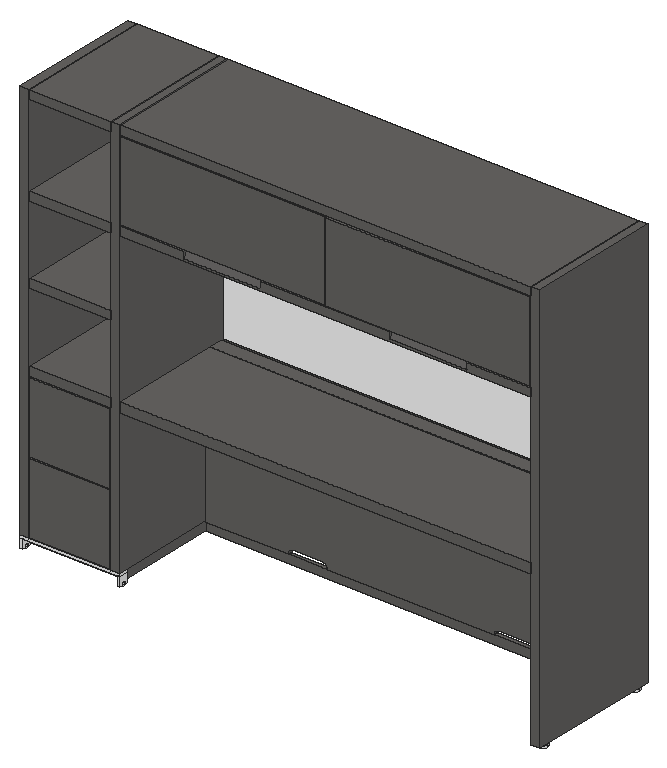
Revit family "Storage-Wall-Teknion-ZXLO_74_High_With_Lights-R2011", category Furniture Systems, Revit 2013
Parameters (values of type "(See Type Catalog)")
  Working Wall Finish [instance] = Glass - Teknion - K6 - White Backpainted
  Width = 92.642"
  Warranty = "http://www.teknionstudio.com/pdfs/Teknion%20Studio%20Warranty.pdf"
  Wall Unit Finish [instance] = Veneer - Teknion - P7 - Grey Oak
  Voltage = 120 V
  Unit Weight = 685.00 lbf
  URL = "www.teknionstudio.com"
  Storage Tower = Storage-Unit-Teknion-Tower : Upper Shelves & File/File Pedestal
  Series = "B&B Italia"
  Product Page URL = "http://www.teknionstudio.com/acexecutive/"
  Product Line = "AC Executive"
  Product Documentation Link = "http://www.teknionstudio.com/pricing/ac_executive_storage_walls_ppg.pdf"
  Power Factor = 1
  Part Number = "ZXLO"
  Number of Poles = 1
  Model = ""
  Manufacturer Phone = "919-464-2920"
  Manufacturer Fax = "919-464-2927"
  Manufacturer Email = "customersupport@teknionstudio.com"
  Manufacturer Address = "3940 US 70 Business HWY West, Clayton, NC 27520"
  Manufacturer = "Teknion Studio"  # constant formula
  Low Emitting Material = yes
  Low Emitting Finish = yes
  Height = 73.81394"
  Description = ""
  Depth = 24"
  Assembly Code = "E2020200"
  Apparent Load = 22.8 VA
Reference planes (in)
  plane 1 "Center F/B": y = 0
  plane 2: z = 0
  plane 3 "Back": y = 12
  plane 4 "Front": y = -12
  plane 5 "Top": z = 73.81394
  plane 6: x = 28.60446
  plane 7: z = 29.68402
  plane 8: z = 56.1289
  plane 9: x = -44.7815
  plane 10: z = 2.1289
  plane 11: x = -8.08858
  plane 12 "Foot Centerline": y = -11.2126
  plane 13 "Foot Centerline Front": y = -10.22835
  plane 14 "Foot Centerline Back": y = 10.22835
  plane 15: y = -8.484
  plane 16: x = -62.49817
  plane 17: x = 30.14383
  plane 18 "Center L/R": x = -16.17717
Forms (in)
  Sweep 1, solid, material "Veneer - Teknion - P7 - Grey Oak" <- "Wall Unit Finish"
    path origin (0, 0, 0) x (1, 0, 0) y (0, 0, 1)
      loop
        line (-44.7815, 29.68402) -> (28.60446, 29.68402)
    profile origin (-8.08852, 0, 29.68402) x (0, 0, 1) y (0, -1, 0)
      loop
        line (0, 12) -> (-1.7638, 12) -> (-1.7638, -7.11393) -> (-5.30827, -7.11393) -> (-5.30827, -7.08268) -> (-27.55512, -7.08268) -> (-27.55512, -7.11393) -> (-29.0945, -7.11393) -> (-29.0945, -7.80668) -> (-5.30828, -7.80668) -> (-5.30828, -12) -> (44.12992, -12) -> (44.12992, 12) -> (42.59022, 12) -> (42.59022, 11.2126) -> (27.98392, 11.2126) -> (27.98392, 12) -> (26.44488, 12) -> (26.44488, -10.94094) -> (0, -10.94094) -> (0, -10.90969) -> (-0.72441, -10.90969) -> (-0.72441, -10.56693) -> (0, -10.56693) -> (0, -8.05709) -> (-0.72441, -8.05709) -> (-0.72441, -7.80709) -> (0, -7.80709) -> (0, 12)
  Sweep 2, solid, material "Veneer - Teknion - P7 - Grey Oak" <- "Wall Unit Finish"
    path origin (0, 0, 15.40683) x (-1, 0, 0) y (0, -1, 0)
      loop
        line (0, 12) -> (0, 11.276)
    profile origin (0, -11.638, 15.40683) x (-1, 0, 0) y (0, 0, 1)
      loop
        line (44.5315, 42.5111) -> (44.5315, 56.6174) -> (8.21358, 56.6174) -> (8.21358, 42.5111) -> (44.5315, 42.5111)
      loop
        line (7.96358, 56.6174) -> (-28.35446, 56.6174) -> (-28.35446, 42.5111) -> (7.96358, 42.5111) -> (7.96358, 56.6174)
  Sweep 3, void
    path origin (0, 0, 0) x (1, 0, 0) y (0, 0, 1)
      loop
        line (-33.3248, 56.1289) -> (-19.54528, 56.1289)
    profile origin (-26.43504, 0, 56.1289) x (0, 0, 1) y (0, -1, 0)
      loop
        line (1.53937, 12) -> (0.43699, 12) -> (1.53937, 11.52755) -> (1.53937, 12)
  Sweep 4, void
    path origin (0, 0, 0) x (1, 0, 0) y (0, 0, 1)
      loop
        line (3.36811, 56.1289) -> (17.14764, 56.1289)
    profile origin (10.25787, 0, 56.1289) x (0, 0, 1) y (0, -1, 0)
      loop
        line (1.53937, 11.52755) -> (1.53937, 12) -> (0.43699, 12) -> (1.53937, 11.52755)
  Sweep 5, void
    path origin (0, 0, 15.40683) x (-1, 0, 0) y (0, -1, 0)
      loop
        line (0, -7.80668) -> (0, -7.08268)
    profile origin (0, 7.44468, 15.40683) x (1, 0, 0) y (0, 0, 1)
      loop
        line (13.68307, 8.96892) -> (6.79331, 8.96892) -> (6.79331, 8.10396)
        arc (6.79331, 8.10396) -> (7.02393, 7.54718) -> (7.58071, 7.31655) r 0.7874
        line (7.58071, 7.31655) -> (12.89567, 7.31655)
        arc (12.89567, 7.31655) -> (13.45245, 7.54718) -> (13.68307, 8.10396) r 0.7874
        line (13.68307, 8.10396) -> (13.68307, 8.96892)
      loop
        line (6.79331, -13.27793) -> (13.68307, -13.27793) -> (13.68307, -13.12045)
        arc (13.68307, -13.12045) -> (13.46398, -12.59152) -> (12.93504, -12.37242) r 0.74803
        line (12.93504, -12.37242) -> (7.54134, -12.37242)
        arc (7.54134, -12.37242) -> (7.0124, -12.59152) -> (6.79331, -13.12045) r 0.74803
        line (6.79331, -13.12045) -> (6.79331, -13.27793)
      loop
        line (-29.86024, 8.96892) -> (-29.86024, 8.10396)
        arc (-29.86024, 8.10396) -> (-29.62961, 7.54718) -> (-29.07283, 7.31655) r 0.7874
        line (-29.07283, 7.31655) -> (-23.75787, 7.31655)
        arc (-23.75787, 7.31655) -> (-23.2011, 7.54718) -> (-22.97047, 8.10396) r 0.7874
        line (-22.97047, 8.10396) -> (-22.97047, 8.96892) -> (-29.86024, 8.96892)
      loop
        line (-22.97047, -13.27793) -> (-22.97047, -13.12045)
        arc (-22.97047, -13.12045) -> (-23.18957, -12.59152) -> (-23.7185, -12.37242) r 0.74803
        line (-23.7185, -12.37242) -> (-29.1122, -12.37242)
        arc (-29.1122, -12.37242) -> (-29.64114, -12.59152) -> (-29.86024, -13.12045) r 0.74803
        line (-29.86024, -13.12045) -> (-29.86024, -13.27793) -> (-22.97047, -13.27793)
  Revolve 6, solid, material "Metal - Teknion - C6 - Chrome"
    sketch origin (0, -10.22835, 0) x (0, 0, 1) y (1, 0, 0)
      loop
        line (0, 29.37415) -> (0, 28.63616) -> (0.23622, 28.63616) -> (0.23622, 29.09181) -> (0.58951, 29.09181) -> (0.58951, 29.37415) -> (0, 29.37415)
      axis (0, 29.37415) -> (0.58951, 29.37415)
    angle from 0 to 360
  Revolve 7, solid, material "Metal - Teknion - C6 - Chrome"
    sketch origin (0, 10.22835, 0) x (0, 0, 1) y (1, 0, 0)
      loop
        line (0, 29.37415) -> (0, 28.63616) -> (0.23622, 28.63616) -> (0.23622, 29.09181) -> (0.58951, 29.09181) -> (0.58951, 29.37415) -> (0, 29.37415)
      axis (0, 29.37415) -> (0.58951, 29.37415)
    angle from 0 to 360
  Sweep 8, solid, material "Veneer - Teknion - P7 - Grey Oak" <- "Wall Unit Finish"
    path origin (-16.17717, 0, 15.40683) x (1, 0, 0) y (0, 1, 0)
      loop
        line (0, 12) -> (0, -12)
    profile origin (-16.17717, 0, 15.40683) x (1, 0, 0) y (0, 0, 1)
      loop
        line (46.321, -14.81732) -> (46.321, 58.4071) -> (44.78163, 58.4071) -> (44.78163, -14.81732) -> (46.321, -14.81732)
Cuts and joins
  Sweep 3, Sweep 4, Sweep 5 cuts Sweep 1
Lines and regions (in)
  Masking region 1
    outline origin (0, 0, 15.40683) x (-1, 0, 0) y (0, -1, 0)
      loop
        line (44.7815, -12) -> (44.7815, 12) -> (-30.14383, 12) -> (-30.14383, -12) -> (44.7815, -12)
  symbolic lines, style "Elevation Swing"
    curve 1: line (-44.7815, -12, 57.66827) -> (-26.43504, -12, 72.02424)
    curve 2: line (-8.08858, -12, 57.66832) -> (-26.43504, -12, 72.02424)
    curve 3: line (-8.08858, 0, 57.66832) -> (10.25794, 0, 72.19583)
    curve 4: line (10.25794, 0, 72.19583) -> (28.60446, 0, 57.66827)
  symbolic lines, detail levels medium+fine
    curve 5: line (-44.7815, 12, 15.40683) -> (-44.7815, -12, 15.40683)
  symbolic lines, style "FurnitureSystemsHiddenLines", detail levels fine
    curve 6: line (28.60446, -11.276, 15.40683) -> (-44.7815, -11.276, 15.40683)
Dimensions and locks (in)
  equal spacing: plane 3 "Back", plane 1 "Center F/B", plane 4 "Front"
  "Depth": plane 3 "Back" to plane 4 "Front"
  "Height": plane 5 "Top" to plane 2
  locked: plane 7 to plane 2 at 29.68402
  locked: plane 8 to plane 7 at 26.44488
  locked: plane 10 to plane 2 at 2.1289
  locked: plane 4 "Front" to plane 12 "Foot Centerline" at 0.7874
  locked: plane 10 to Sweep 1 sketch curve at 1.53939
  locked: plane 7 to Sweep 1 sketch curve at 1.7638
  locked: plane 4 "Front" to Sweep 2 sketch curve at 0.724
  plane 5 "Top" to Sweep 2 sketch curve to Sweep 2 sketch curve = 1.7897", 14.1063"  (x2)
  Sweep 2 sketch curve to Sweep 2 sketch curve to Sweep 2 sketch curve to Sweep 2 sketch curve = 36.31805", 1/4", 36.31791"
  locked: Sweep 3 sketch curve to Sweep 3 sketch curve at 13.77953
  locked: Sweep 3 sketch curve to plane 8 at 1.53937
  locked: Sweep 3 sketch curve to plane 8 at 0.43699
  locked: plane 4 "Front" to Sweep 3 sketch curve at 0.47245
  Sweep 4 sketch curve to Sweep 4 sketch curve to plane 8 = 1.10238" locked, 0.43699" locked
  locked: plane 4 "Front" to Sweep 4 sketch curve at 0.47245
  locked: Sweep 5 sketch curve to plane 10 at 0.90551  (x2)
  locked: Sweep 5 sketch curve to Sweep 5 sketch curve at 6.88976  (x4)
  plane 7 to Sweep 5 sketch curve to Sweep 5 sketch curve = 5.30827" locked, 1 167/256" locked  (x2)
  plane 3 "Back" to Sweep 5 sketch curve to Sweep 5 sketch curve = 4.19332" locked, 0.724" locked
  Revolve 6 sketch curve to Revolve 6 sketch curve to plane 2 = 0.35329" locked, 0.23622" locked
  Revolve 7 sketch curve to Revolve 7 sketch curve to plane 2 = 0.35329" locked, 0.23622" locked
  equal spacing: plane 11, curve 2, plane 9
  equal spacing: plane 6, curve 4, plane 11
  locked: plane 4 "Front" to curve 6 at 0.724
  locked: plane 3 "Back" to plane 14 "Foot Centerline Back" at 1.77165
  locked: plane 4 "Front" to plane 13 "Foot Centerline Front" at 1.77165
  locked: plane 4 "Front" to plane 15 at 3.516
  locked: plane 6 to plane 17 at 1.53937
  locked: plane 16 to plane 9 at 17.71667
  "Width": plane 16 to plane 17
  locked: plane 18 "Center L/R" to plane 11 at 8.08858
  equal spacing: plane 16, plane 18 "Center L/R", plane 17
  locked: plane 17 to Revolve 6 sketch curve at 0.76969
  locked: Sweep 8 sketch curve to plane 2 at 0.58951
  locked: Revolve 7 sketch curve to plane 17 at 0.76969
  aligned and locked: level to plane 2
  aligned and locked: plane 9 to Sweep 1 sketch curve
  aligned and locked: plane 6 to Sweep 1 sketch curve
  aligned and locked: Sweep 1 sketch curve to plane 7  (x4)
  aligned and locked: Sweep 1 sketch curve to plane 4 "Front"
  aligned and locked: plane 3 "Back" to Sweep 1 sketch curve
  aligned and locked: plane 4 "Front" to Sweep 2 sketch curve
  aligned and locked: Sweep 1 sketch curve to plane 8
  aligned and locked: Sweep 3 sketch curve to plane 8
  aligned and locked: Sweep 4 sketch curve to plane 8
  aligned and locked: Sweep 4 sketch curve to plane 4 "Front"
  aligned and locked: Sweep 5 sketch curve to plane 10
  aligned and locked: plane 2 to Revolve 6 sketch curve
  aligned and locked: Revolve 7 sketch curve to plane 2
  aligned and locked: plane 9 to curve 1
  aligned and locked: plane 11 to curve 2
  aligned and locked: Sweep 2 to curve 2
  aligned and locked: plane 6 to curve 4
  aligned and locked: plane 11 to curve 3
  aligned and locked: Masking region 1 sketch curve to plane 3 "Back"
  aligned and locked: Masking region 1 sketch curve to plane 4 "Front"
  aligned and locked: plane 3 "Back" to curve 5
  aligned and locked: plane 4 "Front" to curve 5
  aligned and locked: curve 5 to plane 9
  aligned and locked: plane 6 to curve 6
  aligned and locked: plane 4 "Front" to Sweep 3 sketch curve
  aligned and locked: Sweep 1 sketch curve to plane 5 "Top"
  aligned and locked: plane 12 "Foot Centerline" to Sweep 1 sketch curve
  aligned and locked: plane 4 "Front" to Sweep 1 sketch curve  (x2)
  aligned: plane 8 to nested 1
  aligned: plane 11 to nested 1
  aligned and locked: nested 1 to plane 15
  aligned and locked: plane 8 to nested 1
  aligned and locked: plane 11 to nested 1
  aligned and locked: plane 10 to Sweep 5 sketch curve
  aligned and locked: plane 9 to Masking region 1 sketch curve
  aligned and locked: plane 17 to Masking region 1 sketch curve
  aligned and locked: nested 2 to plane 1 "Center F/B"
  aligned and locked: nested 2 to plane 9
  aligned and locked: nested 2 to plane 2
  aligned and locked: Revolve 6 sketch curve to Revolve 6 sketch curve
  aligned and locked: Sweep 8 sketch curve to plane 17
  aligned and locked: Sweep 8 sketch curve to plane 6
  aligned and locked: plane 5 "Top" to Sweep 8 sketch curve
  aligned and locked: Revolve 7 sketch curve to Revolve 7 sketch curve
Automatic sketch dimensions
  plane 8 to curve 4 = 1.53937"
  plane 8 to curve 3 = 1.53942"
  curve 4 to plane 5 "Top" = 1.61811"
  plane 8 to curve 2 = 1.53942"
  plane 8 to curve 1 = 1.53937"
  Sweep 1 sketch curve to Sweep 1 sketch curve = 1.53939"
  Sweep 1 sketch curve to Sweep 1 sketch curve = 3.54449"
  Sweep 1 sketch curve to Sweep 1 sketch curve = 0"
  profile plane to Sweep 1 sketch curve = 0.72441"  (x2)
  Sweep 1 sketch curve to Sweep 1 sketch curve = 1.53904"
  Sweep 1 sketch curve to Sweep 1 sketch curve = 1.5397"
  Sweep 1 sketch curve to Sweep 1 sketch curve = 1.05906"
  Sweep 1 sketch curve to Sweep 1 sketch curve = 1/32"  (x2)
  Sweep 1 sketch curve to Sweep 1 sketch curve = 0.34277"
  Sweep 1 sketch curve to Sweep 1 sketch curve = 2.50984"
  Sweep 1 sketch curve to Sweep 1 sketch curve = 1/4"
  Sweep 1 sketch curve to plane 1 "Center F/B" = 7.80668"
  Sweep 1 sketch curve to Sweep 1 sketch curve = 0.69275"
  Sweep 1 sketch curve to Sweep 1 sketch curve = 0.69316"
  Sweep 4 sketch curve to plane 6 = 11.45683"
  Sweep 5 sketch curve to Sweep 5 sketch curve = 0.74803"  (x4)
  Sweep 5 sketch curve to Sweep 5 sketch curve = 0.7874"  (x5)
  plane 4 "Front" to Sweep 8 sketch curve = 0"
  Sweep 8 sketch curve to plane 3 "Back" = 0"
  Sweep 8 sketch curve to plane 11 = 8.08858"
  plane 11 to Sweep 2 sketch curve = 8.08858"
  plane 11 to Sweep 4 sketch curve = 11.45669"
  plane 11 to Sweep 5 sketch curve = 8.08858"
  profile plane to Sweep 5 sketch curve = 29.86024"
  Sweep 5 sketch curve to profile plane = 6.79331"  (x2)
  Revolve 6 sketch curve to level = 0"
  plane 10 to Revolve 6 sketch curve = 0.71099"
  plane 6 to Revolve 6 sketch curve = 0.03169"
  Revolve 6 sketch curve to Revolve 6 sketch curve = 0.28234"
  Revolve 7 sketch curve to level = 0"
  Revolve 7 sketch curve to plane 10 = 161/256"
  plane 6 to Revolve 7 sketch curve = 0.03169"
  Revolve 7 sketch curve to Revolve 7 sketch curve = 0.28234"
Nested families (in)
  nested 1: "Lighting-Teknion-Storage_Wall" at (-8.08858, 0.12401, 56.1289), type "Lighting-Teknion-Storage_Wall"
  nested 2: "Storage-Unit-Teknion-Tower" at (-53.63976, 0, 0) x (-1, 0, 0) z (0, 0, 1), type <- "Storage Tower", Height <- "Height", type "Upper Shelves & File/File Pedestal"
    with Height 73.81394", Has Top Shelf no, Bottom Drawer Height 13.047"
Connectors (in)
  electrical at (-8.08852, 12, 49.09483), driven by "Number of Poles", driven by "Voltage", driven by "Apparent Load", driven by "Power Factor"
    settings: on cut or joined group of Sweep 1, Sweep 3, Sweep 4, Sweep 5, index 1, voltage 120 V, apparent load 0 VA, apparent load phase1 22.8 VA, apparent load phase2 0 VA, apparent load phase3 0 VA, power factor 1, load classification "Other", number of poles 1, system type 31, power factor state 1, is connector primary yes, connector utility no, sub classification motor no, connector description "Electrical Connector"
Definition of nested family "Lighting-Teknion-Storage_Wall"
  Parameters (values of type "Lighting-Teknion-Storage_Wall")
    Wattage = 4.03926 W
    built-in parameter 1150110 = 1 (stored number, unit not read)
    built-in parameter 1114217 = 1 (stored number, unit not read)
    built-in parameter 1150109 = 1 (stored number, unit not read)
    built-in parameter 1150134 = 1
    built-in parameter 1150113 = 1 (stored number, unit not read)
    Offset From Reference Level = 0"
    Lumens = 600 lm
    built-in parameter 1150115 = 1 (stored number, unit not read)
    built-in parameter 1150105 = 190.99 (stored number, unit not read)
    Light Source Symbol Size = 3"
    built-in parameter 1150137 = (empty or 0)
    built-in parameter 1150139 = (empty or 0)
    built-in parameter 1150112 = 1 (stored number, unit not read)
    built-in parameter 1150114 = 1 (stored number, unit not read)
    built-in parameter 1150132 = 2
    built-in parameter 1150102 = (empty or 0)
    built-in parameter 1150138 = (empty or 0)
    built-in parameter 1150107 = 6500 (stored number, unit not read)
    built-in parameter 1150106 = 1.9099 (stored number, unit not read)
    Emit from Line Length = 68"
    built-in parameter 1150104 = 13.8 (stored number, unit not read)
    Dimming Lamp Color Temperature Shift = 1
    Default Elevation = 48"
    Color Filter = 16776172
    built-in parameter 1114218 = 1 (stored number, unit not read)
    built-in parameter 1150133 = 10 (stored number, unit not read)
    Assembly Code = ""
  Reference planes (in)
    plane 1 "Light Source Axis (F/B)": y = -8.60801
    plane 2: z = 0
    plane 3 "Light Source Axis (L/R)": x = 0
    plane 4 "Light Source Elevation": z = 0
    plane 5: z = 0
    plane 6: x = -36.6875
    plane 7: x = 36.6875
  Forms (in)
    Sweep 1, solid, material "Glass - Teknion - CL - Clear"
      path origin (0, 0, 0) x (1, 0, 0) y (0, 1, 0)
        loop
          line (-36.6875, -8.60801) -> (36.6875, -8.60801)
      profile origin (0, -8.60801, 0) x (0, 1, 0) y (0, 0, 1)
        loop
          line (-0.51562, 0) -> (-0.51562, -0.40625) -> (0.51563, -0.40625) -> (0.51563, 0) -> (-0.51562, 0)
  Dimensions and locks (in)
    equal spacing: plane 7, plane 3 "Light Source Axis (L/R)", plane 6
    locked: plane 7 to plane 6 at 73.375
    locked: plane 5 to Sweep 1 sketch curve at 0.40625
    equal spacing: Sweep 1 sketch curve, plane 1 "Light Source Axis (F/B)", Sweep 1 sketch curve
    locked: Sweep 1 sketch curve to Sweep 1 sketch curve at 1.03125
    aligned and locked: plane 3 "Light Source Axis (L/R)" to imposter light
    aligned and locked: plane 1 "Light Source Axis (F/B)" to imposter light
    aligned and locked: plane 4 "Light Source Elevation" to imposter light
    aligned and locked: level to plane 5
    aligned and locked: plane 5 to plane 2
    aligned and locked: plane 6 to Sweep 1 sketch curve
    aligned and locked: plane 7 to Sweep 1 sketch curve
    aligned and locked: plane 1 "Light Source Axis (F/B)" to Sweep 1 sketch curve
    aligned and locked: Sweep 1 sketch curve to profile plane
Definition of nested family "Storage-Unit-Teknion-Tower"
  Parameters (values of type "Upper Wardrobe & Lower Door")
    Width = 17.71654"
    Warranty = "http://www.teknionstudio.com/pdfs/Teknion%20Studio%20Warranty.pdf"
    Wall Unit Finish = Veneer - Teknion - P8 - Light Brushed Oak
    URL = "www.teknionstudio.com"
    Series = "B&B Italia"
    Product Line = "AC Executive"
    Model = ""
    Middle Drawer Height = if(Has Top Drawer, 6.425", 12.719")  # 12.719"
    Manufacturer Phone = "919-464-2920"
    Manufacturer Fax = "919-464-2927"
    Manufacturer Email = "customersupport@teknionstudio.com"
    Manufacturer Address = "3940 US 70 Business HWY West, Clayton, NC 27520"
    Manufacturer = "Teknion Studio"  # constant formula
    Height [instance] = 73.81394"
    Has Top Shelf [instance] = and(Height > 75", Has Shelves)  # no
    Has Top Drawer = no
    Has Top Door = yes
    Has Shelves = no
    Has Right Leg = yes
    Has Middle Drawer = no
    Has Lower Shelf = yes
    Has Left Leg = yes
    Has Full Wardrobe Door = no
    Has Doors = yes
    Door Projection Symbol = yes
    Description = "Tower Storage Unit"
    Depth = 24"
    Bottom Drawer Height [instance] = if(Has Middle Drawer, 13.047", if(Has Top Drawer, 13.047", if(Has Full Wardrobe Door, (Height - 3.668"), 26.016")))  # 26.016"
    Assembly Code = "E2010200"
  Types (7): name | Wall Unit Finish | Series | Product Line | Middle Drawer Height | Has Top Drawer | Has Top Door | Has Shelves | Has Middle Drawer | Has Lower Shelf | Has Full Wardrobe Door | Has Doors | Door Projection Symbol | Bottom Drawer Height
    Upper Shelves & Lower Door | none | "AC Executive" | "" | 12.719" | no | no | yes | no | yes | no | yes | yes | 26.016"
    Upper Shelves & File/File Pedestal | none | "AC Executive" | "" | 12.719" | no | no | yes | yes | yes | no | no | no | 13.047"
    Upper Shelves & Box/Box/File Pedestal | Veneer - Teknion - P8 - Light Brushed Oak | "AC Executive" | "" | 6.425" | yes | no | yes | yes | yes | yes | no | no | 13.047"
    Full Wardrobe | none | "AC Executive" | "" | 12.719" | no | no | no | no | no | yes | yes | yes | 70.14594"
    Upper Wardrobe & Lower Door | Veneer - Teknion - P8 - Light Brushed Oak | "B&B Italia" | "AC Executive" | 12.719" | no | yes | no | no | yes | no | yes | yes | 26.016"
    Upper Wardrobe & File/File Pedestal | none | "AC Executive" | "" | 12.719" | no | yes | no | yes | yes | no | no | yes | 13.047"
    Upper Wardrobe & Box/Box/File Pedestal | none | "AC Executive" | "" | 6.425" | yes | yes | no | yes | yes | no | no | yes | 13.047"
  Reference planes (in)
    plane 1 "Center F/B": y = 0
    plane 2: z = 0
    plane 3 "Center L/R": x = 0
    plane 4 "Left": x = -8.85827
    plane 5 "Right": x = 8.85827
    plane 6 "Back": y = 12
    plane 7 "Front": y = -12
    plane 8 "Top": z = 73.81394
    plane 9: x = -7.3189
    plane 10: x = 7.3189
    plane 11: z = 2.1289
    plane 12 "Foot Centerline": y = -11.2126
    plane 13: z = 29.68402
    plane 14 "Drawer 1 Top": z = 28.1449
    plane 15 "Drawer 2 Top": z = 40.8639
    plane 16 "Drawer 3 Top": z = 27.89502
    plane 17: z = 42.13677
  Forms (in)
    Sweep 1, solid, material "Metal - Teknion - C6 - Chrome", visible <- "Has Left Leg"
      path origin (0, -12, 0) x (1, 0, 0) y (0, 0, 1)
        loop
          line (-8.85827, 1.7349) -> (-8.85827, 0.05803)
      profile origin (-8.85827, -12, 0.89646) x (0, -1, 0) y (1, 0, 0)
        loop
          line (-1.5748, 0) -> (0, 0) -> (0, 0.394) -> (-1.5748, 0.394) -> (-1.5748, 0)
    Sweep 2, solid, material "Metal - Teknion - C6 - Chrome"
      path origin (0, -12, 0) x (1, 0, 0) y (0, 0, 1)
        loop
          line (-8.46427, 2.1289) -> (8.46427, 2.1289)
      profile origin (0, -12, 2.1289) x (0, 0, 1) y (0, -1, 0)
        loop
          line (-0.394, -1.5748) -> (-0.394, -1.3778) -> (-1.575, -1.3778) -> (-1.575, -1.5748) -> (-0.394, -1.5748)
    Revolve 3, solid, material "Metal - Teknion - C6 - Chrome"
      sketch origin (0, -11.2126, 0) x (0, 0, -1) y (1, 0, 0)
        loop
          line (-0.4911, 8.32677) -> (-0.45173, 8.2874) -> (-0.28492, 8.2874) -> (-0.24555, 8.32677) -> (-0.20618, 8.2874) -> (-0.03937, 8.2874) -> (0, 8.32677) -> (0, 8.66142) -> (-0.4911, 8.66142) -> (-0.4911, 8.32677)
        axis (0, 8.66142) -> (-0.4911, 8.66142)
      angle from 0 to 360
    Revolve 4, solid, material "Metal - Teknion - C6 - Chrome", visible <- "Has Left Leg"
      sketch origin (0, -11.2126, 0) x (0, 0, -1) y (1, 0, 0)
        loop
          line (0, -8.99606) -> (0, -8.66142) -> (-0.4911, -8.66142) -> (-0.4911, -8.99606) -> (-0.45173, -9.03543) -> (-0.28492, -9.03543) -> (-0.24555, -8.99606) -> (-0.20618, -9.03543) -> (-0.03937, -9.03543) -> (0, -8.99606)
        axis (0, -8.66142) -> (-0.4911, -8.66142)
      angle from 0 to 360
    Sweep 5, solid, material "Veneer - Teknion - P8 - Light Brushed Oak" <- "Wall Unit Finish"
      path origin (0, 0, 0) x (1, 0, 0) y (0, 0, 1)
        loop
          line (0, 2.1289) -> (0, 73.81394)
      profile origin (0, 0, 37.97142) x (-1, 0, 0) y (0, -1, 0)
        loop
          line (8.85827, -12) -> (8.85827, 12) -> (7.3189, 12) -> (7.3189, -12) -> (8.85827, -12)
        loop
          line (-7.3189, 12) -> (-8.85827, 12) -> (-8.85827, -12) -> (-7.3189, -12) -> (-7.3189, 12)
    Sweep 6, solid, material "Veneer - Teknion - P8 - Light Brushed Oak" <- "Wall Unit Finish"
      path origin (0, 0, 15.40683) x (-1, 0, 0) y (0, -1, 0)
        loop
          line (0, -12) -> (0, 12)
      profile origin (0, 0, 15.40683) x (1, 0, 0) y (0, 0, 1)
        loop
          line (-7.3189, 58.4071) -> (-7.3189, 56.86773) -> (7.3189, 56.86773) -> (7.3189, 58.4071) -> (-7.3189, 58.4071)
    Sweep 7, solid, material "Veneer - Teknion - P8 - Light Brushed Oak" <- "Wall Unit Finish"
      path origin (0, -12, 0) x (1, 0, 0) y (0, 0, 1)
        loop
          line (0, 2.1289) -> (0, 72.27457)
      profile origin (0, -12, 37.20173) x (-1, 0, 0) y (0, -1, 0)
        loop
          line (7.3189, -24) -> (7.3189, -23.25) -> (-7.3189, -23.25) -> (-7.3189, -24) -> (7.3189, -24)
    Sweep 8, solid, material "Veneer - Teknion - P8 - Light Brushed Oak" <- "Wall Unit Finish", visible <- "Has Lower Shelf"
      path origin (0, -12, 0) x (1, 0, 0) y (0, 0, 1)
        loop
          line (-7.3189, 29.68402) -> (7.3189, 29.68402)
      profile origin (0, -12, 29.68402) x (0, 0, 1) y (0, -1, 0)
        loop
          line (0, 0) -> (-1.539, 0) -> (-1.539, -0.724) -> (-27.55512, -0.724) -> (-27.55512, -23.25) -> (0, -23.25) -> (0, 0)
    Sweep 9, solid, material "Veneer - Teknion - P8 - Light Brushed Oak" <- "Wall Unit Finish"
      path origin (0, -12, 0) x (1, 0, 0) y (0, 0, 1)
        loop
          line (0, 2.3789) -> (0, 27.8949)
      profile origin (0, -12, 15.1369) x (-1, 0, 0) y (0, -1, 0)
        loop
          line (7.0689, -0.724) -> (7.0689, 0) -> (-7.0689, 0) -> (-7.0689, -0.724) -> (7.0689, -0.724)
    Sweep 10, solid, material "Veneer - Teknion - P8 - Light Brushed Oak" <- "Wall Unit Finish", visible <- "Has Middle Drawer"
      path origin (0, -12, 0) x (1, 0, 0) y (0, 0, 1)
        loop
          line (0, 28.1449) -> (0, 40.8639)
      profile origin (0, -12, 34.5044) x (-1, 0, 0) y (0, -1, 0)
        loop
          line (7.0689, -0.724) -> (7.0689, 0) -> (-7.0689, 0) -> (-7.0689, -0.724) -> (7.0689, -0.724)
    Sweep 11, solid, material "Veneer - Teknion - P8 - Light Brushed Oak" <- "Wall Unit Finish", visible <- "Has Top Drawer"
      path origin (0, -12, 0) x (1, 0, 0) y (0, 0, 1)
        loop
          line (0, 47.15802) -> (0, 41.1139)
      profile origin (0, -12, 44.13596) x (0, -1, 0) y (1, 0, 0)
        loop
          line (0, 7.0689) -> (-0.724, 7.0689) -> (-0.724, -7.0689) -> (0, -7.0689) -> (0, 7.0689)
    Sweep 12, solid, material "Veneer - Teknion - P8 - Light Brushed Oak" <- "Wall Unit Finish", visible <- "Has Shelves"
      path origin (0, -12, 0) x (1, 0, 0) y (0, 0, 1)
        loop
          line (0, 42.13677) -> (0, 43.67614)
      profile origin (0, -12, 42.90646) x (-1, 0, 0) y (0, -1, 0)
        loop
          line (7.3189, -23.25) -> (7.3189, 0) -> (-7.3189, 0) -> (-7.3189, -23.25) -> (7.3189, -23.25)
    Sweep 13, solid, material "Veneer - Teknion - P8 - Light Brushed Oak" <- "Wall Unit Finish", visible <- "Has Shelves"
      path origin (0, -12, 13.9918) x (1, 0, 0) y (0, 0, 1)
        loop
          line (0, 42.13677) -> (0, 43.67614)
      profile origin (0, -12, 56.89825) x (-1, 0, 0) y (0, -1, 0)
        loop
          line (7.3189, -23.25) -> (7.3189, 0) -> (-7.3189, 0) -> (-7.3189, -23.25) -> (7.3189, -23.25)
    Sweep 14, solid, material "Veneer - Teknion - P8 - Light Brushed Oak" <- "Wall Unit Finish", visible <- "Has Top Door"
      path origin (0, -12, 0) x (1, 0, 0) y (0, 0, 1)
        loop
          line (0, 29.93402) -> (0, 72.02457)
      profile origin (0, -12, 50.97929) x (-1, 0, 0) y (0, -1, 0)
        loop
          line (7.0689, -0.724) -> (7.0689, 0) -> (-7.0689, 0) -> (-7.0689, -0.724) -> (7.0689, -0.724)
    Sweep 15, solid, material "Veneer - Teknion - P8 - Light Brushed Oak" <- "Wall Unit Finish"
      path origin (0, -12, 0) x (1, 0, 0) y (0, 0, 1)
        loop
          line (-8.85827, 2.1289) -> (8.85827, 2.1289)
      profile origin (0, -12, 2.1289) x (0, 0, 1) y (0, -1, 0)
        loop
          line (0, -1.5748) -> (-1.53937, -1.5748) -> (-1.53937, -24) -> (0, -24) -> (0, -1.5748)
    Sweep 16, solid, material "Veneer - Teknion - P8 - Light Brushed Oak" <- "Wall Unit Finish", visible <- "Has Top Shelf"
      path origin (0, 0, 0) x (1, 0, 0) y (0, 0, 1)
        loop
          line (0, 73.81394) -> (0, 72.27457)
      profile origin (0, 0, 73.04425) x (0, -1, 0) y (1, 0, 0)
        loop
          line (-11.25, -7.3189) -> (12, -7.3189) -> (12, 7.3189) -> (-11.25, 7.3189) -> (-11.25, -7.3189)
    Sweep 17, solid, material "Metal - Teknion - C6 - Chrome"
      path origin (0, 0, 0) x (1, 0, 0) y (0, 0, 1)
        loop
          line (-8.85827, 2.1289) -> (8.85827, 2.1289)
      profile origin (0, 0, 2.1289) x (0, 0, 1) y (0, -1, 0)
        loop
          line (0, 10.4252) -> (0, 12) -> (-0.394, 12) -> (-0.394, 10.4252) -> (0, 10.4252)
    Sweep 18, solid, material "Metal - Teknion - C6 - Chrome"
      path origin (0, 0, 0) x (1, 0, 0) y (0, 0, 1)
        loop
          line (8.85827, 1.7349) -> (8.85827, 0.05803)
      profile origin (8.85827, 0, 0.89646) x (0, -1, 0) y (1, 0, 0)
        loop
          line (10.4252, -0.394) -> (12, -0.394) -> (12, 0) -> (10.4252, 0) -> (10.4252, -0.394)
  Lines and regions (in)
    Masking region 1
      outline origin (0, 0, 15.40683) x (-1, 0, 0) y (0, -1, 0)
        loop
          line (8.85827, -12) -> (8.85827, 12) -> (-8.85827, 12) -> (-8.85827, -12) -> (8.85827, -12)
    symbolic lines, style "FurnitureSystems", detail levels medium+fine
      curve 1: line (-7.3189, 12, 15.40683) -> (-7.3189, -12, 15.40683)
      curve 2: line (7.3189, 12, 15.40683) -> (7.3189, -12, 15.40683)
    symbolic lines, style "FurnitureSystemsHiddenLines", detail levels fine
      curve 3: line (-7.3189, -11.276, 15.40683) -> (7.3189, -11.276, 15.40683)
    symbolic lines, style "Elevation Swing", visible <- "Has Doors"
      curve 4: line (-7.3189, -12, 2.1289) -> (7.3189, -12, 15.1369)
      curve 5: line (7.3189, -12, 15.1369) -> (-7.3189, -12, 28.1449)
    symbolic lines, style "Elevation Swing", visible <- "Has Top Door"
      curve 6: line (-7.3189, -12, 29.68402) -> (7.3189, -12, 50.97929)
      curve 7: line (7.3189, -12, 50.97929) -> (-7.3189, -12, 72.27457)
    symbolic lines, style "FurnitureSystems", visible <- "Door Projection Symbol"
      curve 8: arc (-7.3189, -12, 0) -> (-3.03159, -22.35048, 0) -> (7.3189, -26.6378, 0) r 14.6378
    symbolic lines, visible <- "Door Projection Symbol"
      curve 9: line (7.3189, -12, 15.40683) -> (7.3189, -26.6378, 15.40683)
  Dimensions and locks (in)
    equal spacing: plane 4 "Left", plane 3 "Center L/R", plane 5 "Right"
    "Width": plane 4 "Left" to plane 5 "Right"
    equal spacing: plane 6 "Back", plane 1 "Center F/B", plane 7 "Front"
    "Depth": plane 6 "Back" to plane 7 "Front"
    locked: plane 4 "Left" to plane 9 at 1.53937
    locked: plane 10 to plane 5 "Right" at 1.53937
    "Height": plane 8 "Top" to level
    locked: Sweep 1 sketch curve to level at 0.05803
    locked: plane 11 to plane 2 at 2.1289
    plane 11 to Sweep 2 sketch curve to Sweep 2 sketch curve = 0.394" locked, 1.181" locked
    plane 7 "Front" to Sweep 2 sketch curve to Sweep 2 sketch curve = 1.3778" locked, 0.197" locked
    locked: Revolve 3 sketch curve to plane 2 at 0.4911  (x2)
    locked: plane 5 "Right" to Revolve 3 sketch curve at 0.57087
    locked: plane 7 "Front" to plane 12 "Foot Centerline" at 0.7874
    Revolve 3 sketch curve to Revolve 3 sketch curve to Revolve 3 sketch curve to Revolve 3 sketch curve to plane 2 = 0.16681" locked, 0.07874" locked, 0.16681" locked, 0.03937" locked
    locked: Revolve 4 sketch curve to plane 2 at 0.4911  (x2)
    locked: Revolve 4 sketch curve to Revolve 4 sketch curve at 0.37402
    Revolve 4 sketch curve to Revolve 4 sketch curve to Revolve 4 sketch curve to Revolve 4 sketch curve to plane 2 = 0.16681" locked, 0.07874" locked, 0.16681" locked, 0.03937" locked
    locked: Revolve 4 sketch curve to plane 4 "Left" at 0.19685
    locked: plane 8 "Top" to Sweep 6 sketch curve at 1.53937
    locked: plane 8 "Top" to Sweep 7 sketch curve at 1.53937
    locked: plane 6 "Back" to Sweep 7 sketch curve at 0.75
    locked: plane 13 to plane 2 at 29.68402
    locked: plane 7 "Front" to Sweep 8 sketch curve at 0.724
    locked: plane 13 to Sweep 8 sketch curve at 1.539
    locked: plane 13 to plane 16 "Drawer 3 Top" at 1.789
    "Bottom Drawer Height": plane 14 "Drawer 1 Top" to plane 11
    "Middle Drawer Height": plane 15 "Drawer 2 Top" to plane 14 "Drawer 1 Top"
    locked: plane 14 "Drawer 1 Top" to Sweep 9 sketch curve at 0.25
    locked: plane 7 "Front" to Sweep 9 sketch curve at 0.724
    locked: Sweep 10 sketch curve to plane 12 "Foot Centerline" at 0.0634
    locked: plane 7 "Front" to Sweep 11 sketch curve at 0.724
    locked: plane 17 to plane 13 at 12.45276
    group 1 to group 2 = 0"  (x2)
    group 1 to group 2 = 13.9918"
    locked: Sweep 13 to plane 17 at 13.9918
    locked: plane 8 "Top" to Sweep 14 sketch curve at 1.78937
    locked: Sweep 14 sketch curve to plane 13 at 0.25
    locked: plane 7 "Front" to Sweep 14 sketch curve at 0.724
    locked: plane 11 to Sweep 15 sketch curve at 1.53937
    locked: plane 7 "Front" to Sweep 15 sketch curve at 1.5748
    equal spacing: Sweep 6, curve 7, plane 13
    equal spacing: plane 14 "Drawer 1 Top", curve 5, plane 11
    locked: plane 6 "Back" to Sweep 16 sketch curve at 0.75
    Sweep 16 sketch curve to Sweep 16 sketch curve to plane 2 = 1.53937" locked, 72.27457" locked
    locked: Sweep 9 sketch curve to plane 11 at 0.25
    locked: plane 9 to Sweep 9 sketch curve at 0.25
    locked: Sweep 9 sketch curve to plane 10 at 0.25
    locked: Sweep 11 sketch curve to plane 15 "Drawer 2 Top" at 0.25
    locked: plane 9 to Sweep 11 sketch curve at 0.25
    locked: Sweep 11 sketch curve to plane 10 at 0.25
    locked: Sweep 10 sketch curve to plane 10 at 0.25
    locked: plane 9 to Sweep 10 sketch curve at 0.25
    locked: Sweep 11 sketch curve to Sweep 11 sketch curve at 6.04412
    locked: Sweep 14 sketch curve to plane 10 at 0.25
    locked: plane 9 to Sweep 14 sketch curve at 0.25
    locked: plane 4 "Left" to Sweep 1 sketch curve at 0.394
    locked: plane 7 "Front" to Sweep 1 sketch curve at 1.5748
    locked: plane 11 to Sweep 1 sketch curve at 0.394
    locked: Sweep 17 sketch curve to plane 7 "Front" at 1.5748
    locked: plane 11 to Sweep 17 sketch curve at 0.394
    locked: Sweep 18 sketch curve to plane 2 at 0.05803
    locked: Sweep 18 sketch curve to plane 5 "Right" at 0.394
    locked: plane 7 "Front" to Sweep 18 sketch curve at 1.5748
    locked: plane 11 to Sweep 18 sketch curve at 0.394
    locked: plane 5 "Right" to Sweep 2 sketch curve at 0.394
    locked: Sweep 2 sketch curve to plane 4 "Left" at 0.394
    aligned and locked: level to plane 2
    aligned and locked: Sweep 1 sketch curve to plane 4 "Left"
    aligned and locked: Sweep 2 sketch curve to plane 11
    aligned and locked: plane 2 to Revolve 3 sketch curve
    aligned and locked: Revolve 3 sketch curve to plane 2
    aligned and locked: plane 2 to Revolve 4 sketch curve
    aligned and locked: Revolve 4 sketch curve to plane 2
    aligned and locked: plane 8 "Top" to Sweep 5 sketch curve
    aligned and locked: plane 11 to Sweep 5 sketch curve
    aligned and locked: plane 3 "Center L/R" to Sweep 5 sketch curve
    aligned and locked: Sweep 5 sketch curve to plane 6 "Back"
    aligned and locked: plane 6 "Back" to Sweep 5 sketch curve
    aligned and locked: Sweep 5 sketch curve to plane 10
    aligned and locked: plane 5 "Right" to Sweep 5 sketch curve
    aligned and locked: Sweep 5 sketch curve to plane 9
    aligned and locked: plane 4 "Left" to Sweep 5 sketch curve
    aligned and locked: Sweep 5 sketch curve to plane 7 "Front"
    aligned and locked: plane 7 "Front" to Sweep 5 sketch curve
    aligned and locked: plane 6 "Back" to Sweep 6 sketch curve
    aligned and locked: plane 7 "Front" to Sweep 6 sketch curve
    aligned and locked: Sweep 6 sketch curve to plane 3 "Center L/R"
    aligned and locked: plane 9 to Sweep 6 sketch curve
    aligned and locked: Sweep 6 sketch curve to plane 8 "Top"
    aligned and locked: Sweep 6 sketch curve to plane 10
    aligned and locked: plane 11 to Sweep 7 sketch curve
    aligned and locked: plane 3 "Center L/R" to Sweep 7 sketch curve
    aligned and locked: plane 9 to Sweep 7 sketch curve
    aligned and locked: Sweep 7 sketch curve to plane 10
    aligned and locked: Sweep 7 sketch curve to plane 6 "Back"
    aligned and locked: plane 9 to Sweep 8 sketch curve
    aligned and locked: plane 10 to Sweep 8 sketch curve
    aligned and locked: Sweep 8 sketch curve to plane 13  (x2)
    aligned and locked: plane 7 "Front" to Sweep 8 sketch curve
    aligned and locked: Sweep 8 sketch curve to plane 11
    aligned and locked: plane 3 "Center L/R" to Sweep 9 sketch curve
    aligned and locked: Sweep 9 sketch curve to plane 7 "Front"
    aligned and locked: plane 15 "Drawer 2 Top" to Sweep 10 sketch curve
    aligned and locked: plane 14 "Drawer 1 Top" to Sweep 10 sketch curve
    aligned and locked: plane 3 "Center L/R" to Sweep 10 sketch curve
    aligned and locked: plane 7 "Front" to Sweep 10 sketch curve
    aligned and locked: Sweep 11 sketch curve to plane 3 "Center L/R"
    aligned and locked: Sweep 11 sketch curve to plane 7 "Front"
    aligned and locked: Sweep 13 to plane 9
    aligned and locked: plane 3 "Center L/R" to Sweep 14 sketch curve
    aligned and locked: Sweep 14 sketch curve to plane 7 "Front"
    aligned and locked: plane 4 "Left" to Sweep 15 sketch curve
    aligned and locked: plane 5 "Right" to Sweep 15 sketch curve
    aligned and locked: Sweep 15 sketch curve to plane 11  (x2)
    aligned and locked: Sweep 15 sketch curve to plane 6 "Back"
    aligned and locked: plane 4 "Left" to Masking region 1 sketch curve
    aligned and locked: Masking region 1 sketch curve to plane 6 "Back"
    aligned and locked: Masking region 1 sketch curve to plane 5 "Right"
    aligned and locked: Masking region 1 sketch curve to plane 7 "Front"
    aligned and locked: plane 6 "Back" to curve 1
    aligned and locked: curve 1 to plane 9
    aligned and locked: plane 7 "Front" to curve 2
    aligned and locked: plane 6 "Back" to curve 2
    aligned and locked: curve 2 to plane 10
    aligned and locked: plane 9 to curve 3
    aligned and locked: plane 10 to curve 3
    aligned and locked: curve 3 to Sweep 14
    aligned and locked: plane 11 to curve 4
    aligned and locked: plane 9 to curve 4
    aligned and locked: plane 10 to curve 5
    aligned and locked: plane 9 to curve 5
    aligned and locked: plane 14 "Drawer 1 Top" to curve 5
    aligned and locked: plane 13 to curve 6
    aligned and locked: plane 9 to curve 6
    aligned and locked: plane 9 to curve 7
    aligned and locked: curve 7 to Sweep 6
    aligned and locked: plane 7 "Front" to curve 8
    aligned and locked: curve 8 to plane 10
    aligned and locked: Sweep 16 sketch curve to plane 3 "Center L/R"
    aligned and locked: plane 9 to Sweep 16 sketch curve
    aligned and locked: Sweep 16 sketch curve to plane 10
    aligned and locked: Sweep 16 sketch curve to plane 7 "Front"
    aligned and locked: plane 4 "Left" to Sweep 17 sketch curve
    aligned and locked: plane 5 "Right" to Sweep 17 sketch curve
    aligned and locked: Sweep 17 sketch curve to plane 11  (x2)
    aligned and locked: Sweep 17 sketch curve to plane 7 "Front"
    aligned and locked: Sweep 18 sketch curve to plane 5 "Right"  (x2)
    aligned and locked: Sweep 18 sketch curve to plane 7 "Front"
  Automatic sketch dimensions
    Revolve 3 sketch curve to Revolve 3 sketch curve = 0.03937"  (x3)
    Revolve 3 sketch curve to Revolve 3 sketch curve = 0"  (x2)
    Revolve 3 sketch curve to plane 5 "Right" = 0.19685"
    Revolve 4 sketch curve to Revolve 4 sketch curve = 0.03937"  (x3)
    Revolve 4 sketch curve to Revolve 4 sketch curve = 0"  (x2)
    Sweep 12 sketch curve to Sweep 12 sketch curve = 1.53937"
    profile plane to Sweep 12 sketch curve = 0"
    profile plane to Sweep 12 sketch curve = 7.3189"
    Sweep 12 sketch curve to profile plane = 7.3189"
    Sweep 12 sketch curve to profile plane = 23 1/4"
    Sweep 13 sketch curve to Sweep 13 sketch curve = 1.53937"
    profile plane to Sweep 13 sketch curve = 0"
    profile plane to Sweep 13 sketch curve = 7.3189"
    Sweep 13 sketch curve to profile plane = 7.3189"
    Sweep 13 sketch curve to profile plane = 23 1/4"
    Sweep 8 sketch curve to Sweep 8 sketch curve = 22.526"
    curve 7 to plane 10 = 0"
    curve 8 to plane 9 = 0"
    plane 7 "Front" to curve 1 = 0"
    plane 7 "Front" to curve 9 = 14.6378"
    Sweep 1 sketch curve to profile plane = 0"
    plane 7 "Front" to Sweep 1 sketch curve = 0"
